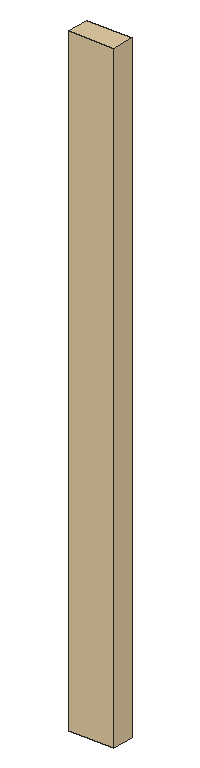
Revit family "Techlam Standard Post-180mm", category Structural Columns, Revit 2016
Family settings
  Section Shape = Not Defined
  Material for Model Behavior = Wood
  Always export as geometry = No
  Beam cutback in plan = From bounding box
  Cut with Voids When Loaded = No
  Symbolic Representation = From Project Settings
  Shared = No
  Show family pre-cut in plan views = Yes
Parameters (values of type "88 x 180")
  b = 180 mm
  d = 88 mm
  Structural Material [instance] = Wood - Dimensional Lumber
Types (21, lengths in mm): name | d
  88 x 180 | 88
  135 x 180 | 135
  140 x 180 | 140
  180 x 180 | 180
  190 x 180 | 190
  225 x 180 | 225
  240 x 180 | 240
  270 x 180 | 270
  290 x 180 | 290
  315 x 180 | 315
  360 x 180 | 360
  405 x 180 | 405
  450 x 180 | 450
  495 x 180 | 495
  540 x 180 | 540
  585 x 180 | 585
  630 x 180 | 630
  675 x 180 | 675
  720 x 180 | 720
  765 x 180 | 765
  810 x 180 | 810
Reference planes
  plane 1 "Center (Front/Back)": y = 0
  plane 2: z = 0
  plane 3 "Center (Left/Right)": x = 0
  plane 4: x = -90
  plane 5: x = 90
  plane 6: y = 44
  plane 7: y = -44
Forms (mm)
  Extrusion 1, solid, material "Wood - Dimensional Lumber" <- "Structural Material", detail levels medium+fine
    sketch origin (0, 0, 0) x (1, 0, 0) y (0, 1, 0)
      loop
        line (-90, 44) -> (-90, -44) -> (90, -44) -> (90, 44) -> (-90, 44)
    from 0 to 2500
Lines and regions (mm)
  symbolic lines, style "StructuralColumnStickSymbols", detail levels coarse
    curve 1: line (-90, 44, 0) -> (90, 44, 0)
    curve 2: line (-90, -44, 0) -> (90, -44, 0)
    curve 3: line (-90, 44, 0) -> (-90, -44, 0)
    curve 4: line (90, 44, 0) -> (90, -44, 0)
Dimensions and locks
  equal spacing: plane 4, plane 3 "Center (Left/Right)", plane 5
  equal spacing: plane 7, plane 1 "Center (Front/Back)", plane 6
  "d": plane 7 to plane 6
  "b": plane 4 to plane 5
  aligned and locked: plane 6 to Extrusion 1 sketch curve
  aligned and locked: Extrusion 1 sketch curve to plane 7
  aligned and locked: Extrusion 1 sketch curve to plane 4
  aligned and locked: plane 5 to Extrusion 1 sketch curve
  aligned and locked: level to Extrusion 1
  aligned and locked: level to plane 2
  aligned and locked: Extrusion 1 to plane 2
Automatic sketch dimensions
  curve 3 to plane 4 = 0 mm
  curve 4 to plane 5 = 0 mm
  curve 3 to plane 7 = 0 mm
  curve 3 to plane 6 = 0 mm
